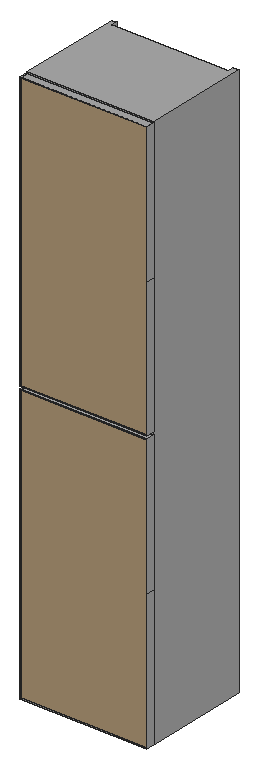
Revit family "bathroom vanity-hansgrohe-54220XXX-Xevolos E Tall cabinet Slate Matt Grey 400_360, door hinge left", category Furniture, Revit 2019
Family settings
  OmniClass Number = 23.40.00.00
  OmniClass Title = Equipment and Furnishings
  Work Plane-Based = No
  Always vertical = Yes
  Cut with Voids When Loaded = No
  Shared = Yes
  Room Calculation Point = No
Parameters (values of type "54220390-SLATE_MATT_GREY-PATTEREND_BRONZE-400")
  etim7_EC011381 = "EC011381"
  WEIGHT = "41.2"
  UNSPSC = "56 | Furniture and Furnishings"
  UNIFORMATII = "E2010 | Fixed Furnishings"
  UNICLASS_2015_CODE = "40_30_78_05"
  UNICLASS2015 = "Pr_40_30_78_05 | Bathroom furniture"
  SURFACE = "PATTEREND_BRONZE"
  REGION = "Worldwide"
  PRODUCTURL = "https://pro.hansgrohe.com/articledetail--54220770"
  PERMALINK = "54220XXX"
  OMNICLASS = "23-21 19 15 33 13 | Residential Bathroom Specialty Casework"
  OBJECTTYPE = "Object (single object)"
  OBERFLAECHE = "SLATE_MATT_GREY"
  NN = "Tall cabinet, door hinge"
  NBSYN = "$ARTNR.-$OBERFLAECHE.-$SURFACE.-$LODLEVEL."
  NB = "54220390-SLATE_MATT_GREY-PATTEREND_BRONZE-400"
  NAME = "Xevolos E Tall cabinet Slate Matt Grey 400/360, door hinge left"
  Model = "54220390-SLATE_MATT_GREY-PATTEREND_BRONZE-400"
  Manufacturer = "Hansgrohe"
  MIdent = "{$CADENAS_DATA/23d-libs/hansgrohe/xevolos_furniture/xevolos_tall_cabinet_door_hinge/tall_cabinet_door_hinge.prj},256 {VTYP=3D},{NB=54220390-SLATE_MATT_GREY-PATTEREND_BRONZE-400},{LINA=54220390-SLATE_MATT_GREY-PATTEREND_BRONZE-400},{NN=Tall cabinet, door hinge},{DATE=13.03.2023 12:06:51},{GEOMDATE=12.03.2023 06:51:00},{VERSION=},{LINEID=70},{WBVAR=LODLEVEL},{WBNUMERIC=}  {NB=54220390-SLATE_MATT_GREY-PATTEREND_BRONZE-400},{LINA=54220390-SLATE_MATT_GREY-PATTEREND_BRONZE-400},{KT=DUMMY},{IDNR=7},{ARTNR=54220390},{BASENUMBER=54220},{MODEL=54220XXX},{OBERFLAECHE=SLATE_MATT_GREY},{SURFACE=PATTEREND_BRONZE},{L=400},{LODLEVEL=400},{LODLEVELX='400','400','200','200'},{NAME=Xevolos E Tall cabinet Slate Matt Grey 400/360, door hinge left},{PERMALINK=54220XXX},{OBJECTTYPE=Object (single object)},{BIMOBJECT=Sanitary: Compound units},{COLLECTIONSET=Xevolos E},{COLLECTION=bathroom vanity},{WEIGHT=41.2},{DESCRIPTION=Xevolos E Tall cabinet Slate Matt Grey 400/360, door hinge left},{PRODUCTURL=https://pro.hansgrohe.com/articledetail--54220770},{GTINCODE=0},{TENDERURL=0},{IFC=Furnishing element},{ETIM=EC011381 | Bathroom furniture set},{UNICLASS2015=Pr_40_30_78_05 | Bathroom furniture},{OMNICLASS=23-21 19 15 33 13 | Residential Bathroom Specialty Casework},{MASTERFORMAT=12 35 30.23 | Bathroom Casework},{UNSPSC=56 | Furniture and Furnishings},{UNIFORMATII=E2010 | Fixed Furnishings},{REGION=Worldwide},{DESIGN=Germany},{MANUFACTURER=Germany}"
  MASTERFORMAT = "12 35 30.23 | Bathroom Casework"
  LODLEVEL = "400"
  LINA = "54220390-SLATE_MATT_GREY-PATTEREND_BRONZE-400"
  L = 400
  IFC = "Furnishing element"
  IDNR = 7
  ETIM = "EC011381 | Bathroom furniture set"
  DESIGN = "Germany"
  COLLECTIONSET = "Xevolos E"
  COLLECTION = "bathroom vanity"
  CATALOG = "Hansgrohe"
  BIMOBJECT = "Sanitary: Compound units"
  BASENUMBER = "54220"
  ARTNR = "54220390"
  54220770-SLATE_MATT_GREY-METALLIC_SLATE_GREY-400_RX0RY0RZ0TX0TY0TZ0_V = no
  54220770-SLATE_MATT_GREY-METALLIC_SLATE_GREY-200_RX0RY0RZ0TX0TY0TZ0_V = no
  54220730-SLATE_MATT_GREY-DARK_OAK-400_RX0RY0RZ0TX0TY0TZ0_V = no
  54220730-SLATE_MATT_GREY-DARK_OAK-200_RX0RY0RZ0TX0TY0TZ0_V = no
  54220390-SLATE_MATT_GREY-PATTEREND_BRONZE-400_RX0RY0RZ0TX0TY0TZ0_V = yes
  54220390-SLATE_MATT_GREY-PATTEREND_BRONZE-200_RX0RY0RZ0TX0TY0TZ0_V = no
Types (6, lengths in mm): name | SURFACE | NB | Model | MIdent | LODLEVEL | LINA | IDNR | ARTNR | 54220770-SLATE_MATT_GREY-METALLIC_SLATE_GREY-400_RX0RY0RZ0TX0TY0TZ0_V | 54220770-SLATE_MATT_GREY-METALLIC_SLATE_GREY-200_RX0RY0RZ0TX0TY0TZ0_V | 54220730-SLATE_MATT_GREY-DARK_OAK-400_RX0RY0RZ0TX0TY0TZ0_V | 54220730-SLATE_MATT_GREY-DARK_OAK-200_RX0RY0RZ0TX0TY0TZ0_V | 54220390-SLATE_MATT_GREY-PATTEREND_BRONZE-400_RX0RY0RZ0TX0TY0TZ0_V | 54220390-SLATE_MATT_GREY-PATTEREND_BRONZE-200_RX0RY0RZ0TX0TY0TZ0_V
  54220390-SLATE_MATT_GREY-PATTEREND_BRONZE-200 | "PATTEREND_BRONZE" | "54220390-SLATE_MATT_GREY-PATTEREND_BRONZE-200" | "54220390-SLATE_MATT_GREY-PATTEREND_BRONZE-200" | "{$CADENAS_DATA/23d-libs/hansgrohe/xevolos_furniture/xevolos_tall_cabinet_door_hinge/tall_cabinet_door_hinge.prj},256 {VTYP=3D},{NB=54220390-SLATE_MATT_GREY-PATTEREND_BRONZE-200},{LINA=54220390-SLATE_MATT_GREY-PATTEREND_BRONZE-200},{NN=Tall cabinet, door hinge},{DATE=13.03.2023 12:06:51},{GEOMDATE=12.03.2023 06:51:00},{VERSION=},{LINEID=70},{WBVAR=LODLEVEL},{WBNUMERIC=}  {NB=54220390-SLATE_MATT_GREY-PATTEREND_BRONZE-200},{LINA=54220390-SLATE_MATT_GREY-PATTEREND_BRONZE-200},{KT=DUMMY},{IDNR=7},{ARTNR=54220390},{BASENUMBER=54220},{MODEL=54220XXX},{OBERFLAECHE=SLATE_MATT_GREY},{SURFACE=PATTEREND_BRONZE},{L=400},{LODLEVEL=200},{LODLEVELX='400','400','200','200'},{NAME=Xevolos E Tall cabinet Slate Matt Grey 400/360, door hinge left},{PERMALINK=54220XXX},{OBJECTTYPE=Object (single object)},{BIMOBJECT=Sanitary: Compound units},{COLLECTIONSET=Xevolos E},{COLLECTION=bathroom vanity},{WEIGHT=41.2},{DESCRIPTION=Xevolos E Tall cabinet Slate Matt Grey 400/360, door hinge left},{PRODUCTURL=https://pro.hansgrohe.com/articledetail--54220770},{GTINCODE=0},{TENDERURL=0},{IFC=Furnishing element},{ETIM=EC011381 | Bathroom furniture set},{UNICLASS2015=Pr_40_30_78_05 | Bathroom furniture},{OMNICLASS=23-21 19 15 33 13 | Residential Bathroom Specialty Casework},{MASTERFORMAT=12 35 30.23 | Bathroom Casework},{UNSPSC=56 | Furniture and Furnishings},{UNIFORMATII=E2010 | Fixed Furnishings},{REGION=Worldwide},{DESIGN=Germany},{MANUFACTURER=Germany}" | "200" | "54220390-SLATE_MATT_GREY-PATTEREND_BRONZE-200" | 7 | "54220390" | no | no | no | no | no | yes
  54220390-SLATE_MATT_GREY-PATTEREND_BRONZE-400 | "PATTEREND_BRONZE" | "54220390-SLATE_MATT_GREY-PATTEREND_BRONZE-400" | "54220390-SLATE_MATT_GREY-PATTEREND_BRONZE-400" | "{$CADENAS_DATA/23d-libs/hansgrohe/xevolos_furniture/xevolos_tall_cabinet_door_hinge/tall_cabinet_door_hinge.prj},256 {VTYP=3D},{NB=54220390-SLATE_MATT_GREY-PATTEREND_BRONZE-400},{LINA=54220390-SLATE_MATT_GREY-PATTEREND_BRONZE-400},{NN=Tall cabinet, door hinge},{DATE=13.03.2023 12:06:51},{GEOMDATE=12.03.2023 06:51:00},{VERSION=},{LINEID=70},{WBVAR=LODLEVEL},{WBNUMERIC=}  {NB=54220390-SLATE_MATT_GREY-PATTEREND_BRONZE-400},{LINA=54220390-SLATE_MATT_GREY-PATTEREND_BRONZE-400},{KT=DUMMY},{IDNR=7},{ARTNR=54220390},{BASENUMBER=54220},{MODEL=54220XXX},{OBERFLAECHE=SLATE_MATT_GREY},{SURFACE=PATTEREND_BRONZE},{L=400},{LODLEVEL=400},{LODLEVELX='400','400','200','200'},{NAME=Xevolos E Tall cabinet Slate Matt Grey 400/360, door hinge left},{PERMALINK=54220XXX},{OBJECTTYPE=Object (single object)},{BIMOBJECT=Sanitary: Compound units},{COLLECTIONSET=Xevolos E},{COLLECTION=bathroom vanity},{WEIGHT=41.2},{DESCRIPTION=Xevolos E Tall cabinet Slate Matt Grey 400/360, door hinge left},{PRODUCTURL=https://pro.hansgrohe.com/articledetail--54220770},{GTINCODE=0},{TENDERURL=0},{IFC=Furnishing element},{ETIM=EC011381 | Bathroom furniture set},{UNICLASS2015=Pr_40_30_78_05 | Bathroom furniture},{OMNICLASS=23-21 19 15 33 13 | Residential Bathroom Specialty Casework},{MASTERFORMAT=12 35 30.23 | Bathroom Casework},{UNSPSC=56 | Furniture and Furnishings},{UNIFORMATII=E2010 | Fixed Furnishings},{REGION=Worldwide},{DESIGN=Germany},{MANUFACTURER=Germany}" | "400" | "54220390-SLATE_MATT_GREY-PATTEREND_BRONZE-400" | 7 | "54220390" | no | no | no | no | yes | no
  54220730-SLATE_MATT_GREY-DARK_OAK-200 | "DARK_OAK" | "54220730-SLATE_MATT_GREY-DARK_OAK-200" | "54220730-SLATE_MATT_GREY-DARK_OAK-200" | "{$CADENAS_DATA/23d-libs/hansgrohe/xevolos_furniture/xevolos_tall_cabinet_door_hinge/tall_cabinet_door_hinge.prj},240 {VTYP=3D},{NB=54220730-SLATE_MATT_GREY-DARK_OAK-200},{LINA=54220730-SLATE_MATT_GREY-DARK_OAK-200},{NN=Tall cabinet, door hinge},{DATE=13.03.2023 12:06:51},{GEOMDATE=12.03.2023 06:51:00},{VERSION=},{LINEID=80},{WBVAR=LODLEVEL},{WBNUMERIC=}  {NB=54220730-SLATE_MATT_GREY-DARK_OAK-200},{LINA=54220730-SLATE_MATT_GREY-DARK_OAK-200},{KT=DUMMY},{IDNR=8},{ARTNR=54220730},{BASENUMBER=54220},{MODEL=54220XXX},{OBERFLAECHE=SLATE_MATT_GREY},{SURFACE=DARK_OAK},{L=400},{LODLEVEL=200},{LODLEVELX='400','400','200','200'},{NAME=Xevolos E Tall cabinet Slate Matt Grey 400/360, door hinge left},{PERMALINK=54220XXX},{OBJECTTYPE=Object (single object)},{BIMOBJECT=Sanitary: Compound units},{COLLECTIONSET=Xevolos E},{COLLECTION=bathroom vanity},{WEIGHT=41.2},{DESCRIPTION=Xevolos E Tall cabinet Slate Matt Grey 400/360, door hinge left},{PRODUCTURL=https://pro.hansgrohe.com/articledetail--54220770},{GTINCODE=0},{TENDERURL=0},{IFC=Furnishing element},{ETIM=EC011381 | Bathroom furniture set},{UNICLASS2015=Pr_40_30_78_05 | Bathroom furniture},{OMNICLASS=23-21 19 15 33 13 | Residential Bathroom Specialty Casework},{MASTERFORMAT=12 35 30.23 | Bathroom Casework},{UNSPSC=56 | Furniture and Furnishings},{UNIFORMATII=E2010 | Fixed Furnishings},{REGION=Worldwide},{DESIGN=Germany},{MANUFACTURER=Germany}" | "200" | "54220730-SLATE_MATT_GREY-DARK_OAK-200" | 8 | "54220730" | no | no | no | yes | no | no
  54220730-SLATE_MATT_GREY-DARK_OAK-400 | "DARK_OAK" | "54220730-SLATE_MATT_GREY-DARK_OAK-400" | "54220730-SLATE_MATT_GREY-DARK_OAK-400" | "{$CADENAS_DATA/23d-libs/hansgrohe/xevolos_furniture/xevolos_tall_cabinet_door_hinge/tall_cabinet_door_hinge.prj},240 {VTYP=3D},{NB=54220730-SLATE_MATT_GREY-DARK_OAK-400},{LINA=54220730-SLATE_MATT_GREY-DARK_OAK-400},{NN=Tall cabinet, door hinge},{DATE=13.03.2023 12:06:51},{GEOMDATE=12.03.2023 06:51:00},{VERSION=},{LINEID=80},{WBVAR=LODLEVEL},{WBNUMERIC=}  {NB=54220730-SLATE_MATT_GREY-DARK_OAK-400},{LINA=54220730-SLATE_MATT_GREY-DARK_OAK-400},{KT=DUMMY},{IDNR=8},{ARTNR=54220730},{BASENUMBER=54220},{MODEL=54220XXX},{OBERFLAECHE=SLATE_MATT_GREY},{SURFACE=DARK_OAK},{L=400},{LODLEVEL=400},{LODLEVELX='400','400','200','200'},{NAME=Xevolos E Tall cabinet Slate Matt Grey 400/360, door hinge left},{PERMALINK=54220XXX},{OBJECTTYPE=Object (single object)},{BIMOBJECT=Sanitary: Compound units},{COLLECTIONSET=Xevolos E},{COLLECTION=bathroom vanity},{WEIGHT=41.2},{DESCRIPTION=Xevolos E Tall cabinet Slate Matt Grey 400/360, door hinge left},{PRODUCTURL=https://pro.hansgrohe.com/articledetail--54220770},{GTINCODE=0},{TENDERURL=0},{IFC=Furnishing element},{ETIM=EC011381 | Bathroom furniture set},{UNICLASS2015=Pr_40_30_78_05 | Bathroom furniture},{OMNICLASS=23-21 19 15 33 13 | Residential Bathroom Specialty Casework},{MASTERFORMAT=12 35 30.23 | Bathroom Casework},{UNSPSC=56 | Furniture and Furnishings},{UNIFORMATII=E2010 | Fixed Furnishings},{REGION=Worldwide},{DESIGN=Germany},{MANUFACTURER=Germany}" | "400" | "54220730-SLATE_MATT_GREY-DARK_OAK-400" | 8 | "54220730" | no | no | yes | no | no | no
  54220770-SLATE_MATT_GREY-METALLIC_SLATE_GREY-200 | "METALLIC_SLATE_GREY" | "54220770-SLATE_MATT_GREY-METALLIC_SLATE_GREY-200" | "54220770-SLATE_MATT_GREY-METALLIC_SLATE_GREY-200" | "{$CADENAS_DATA/23d-libs/hansgrohe/xevolos_furniture/xevolos_tall_cabinet_door_hinge/tall_cabinet_door_hinge.prj},262 {VTYP=3D},{NB=54220770-SLATE_MATT_GREY-METALLIC_SLATE_GREY-200},{LINA=54220770-SLATE_MATT_GREY-METALLIC_SLATE_GREY-200},{NN=Tall cabinet, door hinge},{DATE=13.03.2023 12:06:51},{GEOMDATE=12.03.2023 06:51:00},{VERSION=},{LINEID=90},{WBVAR=LODLEVEL},{WBNUMERIC=}  {NB=54220770-SLATE_MATT_GREY-METALLIC_SLATE_GREY-200},{LINA=54220770-SLATE_MATT_GREY-METALLIC_SLATE_GREY-200},{KT=DUMMY},{IDNR=9},{ARTNR=54220770},{BASENUMBER=54220},{MODEL=54220XXX},{OBERFLAECHE=SLATE_MATT_GREY},{SURFACE=METALLIC_SLATE_GREY},{L=400},{LODLEVEL=200},{LODLEVELX='400','400','200','200'},{NAME=Xevolos E Tall cabinet Slate Matt Grey 400/360, door hinge left},{PERMALINK=54220XXX},{OBJECTTYPE=Object (single object)},{BIMOBJECT=Sanitary: Compound units},{COLLECTIONSET=Xevolos E},{COLLECTION=bathroom vanity},{WEIGHT=41.2},{DESCRIPTION=Xevolos E Tall cabinet Slate Matt Grey 400/360, door hinge left},{PRODUCTURL=https://pro.hansgrohe.com/articledetail--54220770},{GTINCODE=0},{TENDERURL=0},{IFC=Furnishing element},{ETIM=EC011381 | Bathroom furniture set},{UNICLASS2015=Pr_40_30_78_05 | Bathroom furniture},{OMNICLASS=23-21 19 15 33 13 | Residential Bathroom Specialty Casework},{MASTERFORMAT=12 35 30.23 | Bathroom Casework},{UNSPSC=56 | Furniture and Furnishings},{UNIFORMATII=E2010 | Fixed Furnishings},{REGION=Worldwide},{DESIGN=Germany},{MANUFACTURER=Germany}" | "200" | "54220770-SLATE_MATT_GREY-METALLIC_SLATE_GREY-200" | 9 | "54220770" | no | yes | no | no | no | no
  54220770-SLATE_MATT_GREY-METALLIC_SLATE_GREY-400 | "METALLIC_SLATE_GREY" | "54220770-SLATE_MATT_GREY-METALLIC_SLATE_GREY-400" | "54220770-SLATE_MATT_GREY-METALLIC_SLATE_GREY-400" | "{$CADENAS_DATA/23d-libs/hansgrohe/xevolos_furniture/xevolos_tall_cabinet_door_hinge/tall_cabinet_door_hinge.prj},262 {VTYP=3D},{NB=54220770-SLATE_MATT_GREY-METALLIC_SLATE_GREY-400},{LINA=54220770-SLATE_MATT_GREY-METALLIC_SLATE_GREY-400},{NN=Tall cabinet, door hinge},{DATE=13.03.2023 12:06:51},{GEOMDATE=12.03.2023 06:51:00},{VERSION=},{LINEID=90},{WBVAR=LODLEVEL},{WBNUMERIC=}  {NB=54220770-SLATE_MATT_GREY-METALLIC_SLATE_GREY-400},{LINA=54220770-SLATE_MATT_GREY-METALLIC_SLATE_GREY-400},{KT=DUMMY},{IDNR=9},{ARTNR=54220770},{BASENUMBER=54220},{MODEL=54220XXX},{OBERFLAECHE=SLATE_MATT_GREY},{SURFACE=METALLIC_SLATE_GREY},{L=400},{LODLEVEL=400},{LODLEVELX='400','400','200','200'},{NAME=Xevolos E Tall cabinet Slate Matt Grey 400/360, door hinge left},{PERMALINK=54220XXX},{OBJECTTYPE=Object (single object)},{BIMOBJECT=Sanitary: Compound units},{COLLECTIONSET=Xevolos E},{COLLECTION=bathroom vanity},{WEIGHT=41.2},{DESCRIPTION=Xevolos E Tall cabinet Slate Matt Grey 400/360, door hinge left},{PRODUCTURL=https://pro.hansgrohe.com/articledetail--54220770},{GTINCODE=0},{TENDERURL=0},{IFC=Furnishing element},{ETIM=EC011381 | Bathroom furniture set},{UNICLASS2015=Pr_40_30_78_05 | Bathroom furniture},{OMNICLASS=23-21 19 15 33 13 | Residential Bathroom Specialty Casework},{MASTERFORMAT=12 35 30.23 | Bathroom Casework},{UNSPSC=56 | Furniture and Furnishings},{UNIFORMATII=E2010 | Fixed Furnishings},{REGION=Worldwide},{DESIGN=Germany},{MANUFACTURER=Germany}" | "400" | "54220770-SLATE_MATT_GREY-METALLIC_SLATE_GREY-400" | 9 | "54220770" | yes | no | no | no | no | no
Reference planes
  plane 1 "Center (Front/Back)": y = 0
  plane 2: z = 0
  plane 3 "Center (Left/Right)": x = 0
Dimensions and locks
  aligned and locked: level to plane 2
Nested families
  nested 1: "54220390-slate_matt_grey-patterend_bronze-200_content" at (0, 0, 0), visible <- "54220390-SLATE_MATT_GREY-PATTEREND_BRONZE-200_RX0RY0RZ0TX0TY0TZ0_V", ContentVisible <- "54220390-SLATE_MATT_GREY-PATTEREND_BRONZE-200_RX0RY0RZ0TX0TY0TZ0_V", type "54220390-SLATE_MATT_GREY-PATTEREND_BRONZE-200_Content"
    with ContentVisible no
  nested 2: "54220390-slate_matt_grey-patterend_bronze-400_content" at (0, 0, 0), visible <- "54220390-SLATE_MATT_GREY-PATTEREND_BRONZE-400_RX0RY0RZ0TX0TY0TZ0_V", ContentVisible <- "54220390-SLATE_MATT_GREY-PATTEREND_BRONZE-400_RX0RY0RZ0TX0TY0TZ0_V", type "54220390-SLATE_MATT_GREY-PATTEREND_BRONZE-400_Content"
    with ContentVisible yes
  nested 3: "54220730-slate_matt_grey-dark_oak-200_content" at (0, 0, 0), visible <- "54220730-SLATE_MATT_GREY-DARK_OAK-200_RX0RY0RZ0TX0TY0TZ0_V", ContentVisible <- "54220730-SLATE_MATT_GREY-DARK_OAK-200_RX0RY0RZ0TX0TY0TZ0_V", type "54220730-SLATE_MATT_GREY-DARK_OAK-200_Content"
    with ContentVisible no
  nested 4: "54220730-slate_matt_grey-dark_oak-400_content" at (0, 0, 0), visible <- "54220730-SLATE_MATT_GREY-DARK_OAK-400_RX0RY0RZ0TX0TY0TZ0_V", ContentVisible <- "54220730-SLATE_MATT_GREY-DARK_OAK-400_RX0RY0RZ0TX0TY0TZ0_V", type "54220730-SLATE_MATT_GREY-DARK_OAK-400_Content"
    with ContentVisible no
  nested 5: "54220770-slate_matt_grey-metallic_slate_grey-200_content" at (0, 0, 0), visible <- "54220770-SLATE_MATT_GREY-METALLIC_SLATE_GREY-200_RX0RY0RZ0TX0TY0TZ0_V", ContentVisible <- "54220770-SLATE_MATT_GREY-METALLIC_SLATE_GREY-200_RX0RY0RZ0TX0TY0TZ0_V", type "54220770-SLATE_MATT_GREY-METALLIC_SLATE_GREY-200_Content"
    with ContentVisible no
  nested 6: "54220770-slate_matt_grey-metallic_slate_grey-400_content" at (0, 0, 0), visible <- "54220770-SLATE_MATT_GREY-METALLIC_SLATE_GREY-400_RX0RY0RZ0TX0TY0TZ0_V", ContentVisible <- "54220770-SLATE_MATT_GREY-METALLIC_SLATE_GREY-400_RX0RY0RZ0TX0TY0TZ0_V", type "54220770-SLATE_MATT_GREY-METALLIC_SLATE_GREY-400_Content"
    with ContentVisible no
Definition of nested family "54220390-slate_matt_grey-patterend_bronze-400_content"
  Parameters (values of type "54220390-SLATE_MATT_GREY-PATTEREND_BRONZE-400_Content")
    etim7_EC011381 = "EC011381"
    WEIGHT = "41.2"
    UNSPSC = "56 | Furniture and Furnishings"
    UNIFORMATII = "E2010 | Fixed Furnishings"
    UNICLASS_2015_CODE = "40_30_78_05"
    UNICLASS2015 = "Pr_40_30_78_05 | Bathroom furniture"
    SURFACE = "PATTEREND_BRONZE"
    REGION = "Worldwide"
    PRODUCTURL = "https://pro.hansgrohe.com/articledetail--54220770"
    PERMALINK = "54220XXX"
    OMNICLASS = "23-21 19 15 33 13 | Residential Bathroom Specialty Casework"
    OBJECTTYPE = "Object (single object)"
    OBERFLAECHE = "SLATE_MATT_GREY"
    NN = "Tall cabinet, door hinge"
    NBSYN = "$ARTNR.-$OBERFLAECHE.-$SURFACE.-$LODLEVEL."
    NB = "54220390-SLATE_MATT_GREY-PATTEREND_BRONZE-400"
    NAME = "Xevolos E Tall cabinet Slate Matt Grey 400/360, door hinge left"
    Model = "54220390-SLATE_MATT_GREY-PATTEREND_BRONZE-400"
    Manufacturer = "Hansgrohe"
    MASTERFORMAT = "12 35 30.23 | Bathroom Casework"
    LODLEVEL = "400"
    LINA = "54220390-SLATE_MATT_GREY-PATTEREND_BRONZE-400"
    L = 400
    IFC = "Furnishing element"
    IDNR = 7
    ETIM = "EC011381 | Bathroom furniture set"
    Default Elevation = 1219.2 mm
    DESIGN = "Germany"
    ContentVisible [instance] = yes
    COLLECTIONSET = "Xevolos E"
    COLLECTION = "bathroom vanity"
    CATALOG = "Hansgrohe"
    BIMOBJECT = "Sanitary: Compound units"
    BASENUMBER = "54220"
    ARTNR = "54220390"
  Reference planes
    plane 1 "Center (Front/Back)": y = 0
    plane 2: z = 0
    plane 3 "Center (Left/Right)": x = 0
  Forms (mm)
    Extrusion 1, solid, visible <- "ContentVisible", detail levels medium+fine
      sketch origin (0, 0, 0) x (1, 0, 0) y (0, 1, 0)
        loop
          line (-200, 0) -> (-200, -334.5) -> (200, -334.5) -> (200, 0) -> (184, 0) -> (184, -16.8) -> (-184, -16.8) -> (-184, 0) -> (-200, 0)
      from 0 to 1760
    Extrusion 2, solid, visible <- "ContentVisible", detail levels medium+fine
      sketch origin (0, -334.5, 0) x (1, 0, 0) y (0, 0, -1)
        loop
          line (-200, -2) -> (-200, -439) -> (-198, -439) -> (-198, -4) -> (198, -4) -> (198, -439) -> (200, -439) -> (200, -2) -> (-200, -2)
      from -24.75 to 0
    Extrusion 3, solid, visible <- "ContentVisible", detail levels medium+fine
      sketch origin (0, -334.5, 0) x (1, 0, 0) y (0, 0, -1)
        loop
          line (-200, -439) -> (-200, -876) -> (200, -876) -> (200, -439) -> (198, -439) -> (198, -874) -> (-198, -874) -> (-198, -439) -> (-200, -439)
      from -24.75 to 0
    Extrusion 4, solid, visible <- "ContentVisible", detail levels medium+fine
      sketch origin (0, -334.5, 0) x (1, 0, 0) y (0, 0, -1)
        loop
          line (-198, -4) -> (-198, -874) -> (198, -874) -> (198, -4) -> (-198, -4)
      from -24.75 to 0
    Extrusion 5, solid, visible <- "ContentVisible", detail levels medium+fine
      sketch origin (0, -334.5, 0) x (1, 0, 0) y (0, 0, -1)
        loop
          line (-200, -884) -> (-200, -1321) -> (-198, -1321) -> (-198, -886) -> (198, -886) -> (198, -1321) -> (200, -1321) -> (200, -884) -> (-200, -884)
      from -24.75 to 0
    Extrusion 6, solid, visible <- "ContentVisible", detail levels medium+fine
      sketch origin (0, -334.5, 0) x (1, 0, 0) y (0, 0, -1)
        loop
          line (-200, -1321) -> (-200, -1758) -> (200, -1758) -> (200, -1321) -> (198, -1321) -> (198, -1756) -> (-198, -1756) -> (-198, -1321) -> (-200, -1321)
      from -24.75 to 0
    Extrusion 7, solid, visible <- "ContentVisible", detail levels medium+fine
      sketch origin (0, -334.5, 0) x (1, 0, 0) y (0, 0, -1)
        loop
          line (-198, -886) -> (-198, -1756) -> (198, -1756) -> (198, -886) -> (-198, -886)
      from -24.75 to 0
    Extrusion 8, solid, visible <- "ContentVisible", detail levels coarse
      sketch origin (0, -179.625, 0) x (1, 0, 0) y (0, 1, 0)
        loop
          line (-200, -179.625) -> (200, -179.625) -> (200, 179.625) -> (-200, 179.625) -> (-200, -179.625)
      from 0 to 1760
  Dimensions and locks
    aligned and locked: level to plane 2
Definition of nested family "54220390-slate_matt_grey-patterend_bronze-200_content"
  Parameters (values of type "54220390-SLATE_MATT_GREY-PATTEREND_BRONZE-200_Content")
    etim7_EC011381 = "EC011381"
    WEIGHT = "41.2"
    UNSPSC = "56 | Furniture and Furnishings"
    UNIFORMATII = "E2010 | Fixed Furnishings"
    UNICLASS_2015_CODE = "40_30_78_05"
    UNICLASS2015 = "Pr_40_30_78_05 | Bathroom furniture"
    SURFACE = "PATTEREND_BRONZE"
    REGION = "Worldwide"
    PRODUCTURL = "https://pro.hansgrohe.com/articledetail--54220770"
    PERMALINK = "54220XXX"
    OMNICLASS = "23-21 19 15 33 13 | Residential Bathroom Specialty Casework"
    OBJECTTYPE = "Object (single object)"
    OBERFLAECHE = "SLATE_MATT_GREY"
    NN = "Tall cabinet, door hinge"
    NBSYN = "$ARTNR.-$OBERFLAECHE.-$SURFACE.-$LODLEVEL."
    NB = "54220390-SLATE_MATT_GREY-PATTEREND_BRONZE-200"
    NAME = "Xevolos E Tall cabinet Slate Matt Grey 400/360, door hinge left"
    Model = "54220390-SLATE_MATT_GREY-PATTEREND_BRONZE-200"
    Manufacturer = "Hansgrohe"
    MASTERFORMAT = "12 35 30.23 | Bathroom Casework"
    LODLEVEL = "200"
    LINA = "54220390-SLATE_MATT_GREY-PATTEREND_BRONZE-200"
    L = 400
    IFC = "Furnishing element"
    IDNR = 7
    ETIM = "EC011381 | Bathroom furniture set"
    Default Elevation = 1219.2 mm
    DESIGN = "Germany"
    ContentVisible [instance] = yes
    COLLECTIONSET = "Xevolos E"
    COLLECTION = "bathroom vanity"
    CATALOG = "Hansgrohe"
    BIMOBJECT = "Sanitary: Compound units"
    BASENUMBER = "54220"
    ARTNR = "54220390"
  Reference planes
    plane 1 "Center (Front/Back)": y = 0
    plane 2: z = 0
    plane 3 "Center (Left/Right)": x = 0
  Forms (mm)
    Extrusion 1, solid, visible <- "ContentVisible", detail levels medium+fine
      sketch origin (0, 0, 0) x (1, 0, 0) y (0, 1, 0)
        loop
          line (-200, 0) -> (-200, -334.5) -> (200, -334.5) -> (200, 0) -> (-200, 0)
      from 0 to 1760
    Extrusion 2, solid, visible <- "ContentVisible", detail levels medium+fine
      sketch origin (0, -334.5, 0) x (1, 0, 0) y (0, 0, -1)
        loop
          line (-200, -2) -> (-200, -1758) -> (200, -1758) -> (200, -2) -> (-200, -2)
        loop
          line (-198, -4) -> (-198, -1756) -> (198, -1756) -> (198, -4) -> (-198, -4)
      from -24.75 to 0
    Extrusion 3, solid, visible <- "ContentVisible", detail levels medium+fine
      sketch origin (0, -334.5, 0) x (1, 0, 0) y (0, 0, -1)
        loop
          line (-198, -4) -> (-198, -1756) -> (198, -1756) -> (198, -4) -> (-198, -4)
      from -24.75 to 0
    Extrusion 4, solid, visible <- "ContentVisible", detail levels coarse
      sketch origin (0, -179.625, 0) x (1, 0, 0) y (0, 1, 0)
        loop
          line (-200, -179.625) -> (200, -179.625) -> (200, 179.625) -> (-200, 179.625) -> (-200, -179.625)
      from 0 to 1760
  Dimensions and locks
    aligned and locked: level to plane 2
Definition of nested family "54220730-slate_matt_grey-dark_oak-200_content"
  Parameters (values of type "54220730-SLATE_MATT_GREY-DARK_OAK-200_Content")
    etim7_EC011381 = "EC011381"
    WEIGHT = "41.2"
    UNSPSC = "56 | Furniture and Furnishings"
    UNIFORMATII = "E2010 | Fixed Furnishings"
    UNICLASS_2015_CODE = "40_30_78_05"
    UNICLASS2015 = "Pr_40_30_78_05 | Bathroom furniture"
    SURFACE = "DARK_OAK"
    REGION = "Worldwide"
    PRODUCTURL = "https://pro.hansgrohe.com/articledetail--54220770"
    PERMALINK = "54220XXX"
    OMNICLASS = "23-21 19 15 33 13 | Residential Bathroom Specialty Casework"
    OBJECTTYPE = "Object (single object)"
    OBERFLAECHE = "SLATE_MATT_GREY"
    NN = "Tall cabinet, door hinge"
    NBSYN = "$ARTNR.-$OBERFLAECHE.-$SURFACE.-$LODLEVEL."
    NB = "54220730-SLATE_MATT_GREY-DARK_OAK-200"
    NAME = "Xevolos E Tall cabinet Slate Matt Grey 400/360, door hinge left"
    Model = "54220730-SLATE_MATT_GREY-DARK_OAK-200"
    Manufacturer = "Hansgrohe"
    MASTERFORMAT = "12 35 30.23 | Bathroom Casework"
    LODLEVEL = "200"
    LINA = "54220730-SLATE_MATT_GREY-DARK_OAK-200"
    L = 400
    IFC = "Furnishing element"
    IDNR = 8
    ETIM = "EC011381 | Bathroom furniture set"
    Default Elevation = 1219.2 mm
    DESIGN = "Germany"
    ContentVisible [instance] = yes
    COLLECTIONSET = "Xevolos E"
    COLLECTION = "bathroom vanity"
    CATALOG = "Hansgrohe"
    BIMOBJECT = "Sanitary: Compound units"
    BASENUMBER = "54220"
    ARTNR = "54220730"
  Reference planes
    plane 1 "Center (Front/Back)": y = 0
    plane 2: z = 0
    plane 3 "Center (Left/Right)": x = 0
  Forms (mm)
    Extrusion 1, solid, visible <- "ContentVisible", detail levels medium+fine
      sketch origin (0, 0, 0) x (1, 0, 0) y (0, 1, 0)
        loop
          line (-200, 0) -> (-200, -334.5) -> (200, -334.5) -> (200, 0) -> (-200, 0)
      from 0 to 1760
    Extrusion 2, solid, visible <- "ContentVisible", detail levels medium+fine
      sketch origin (0, -334.5, 0) x (1, 0, 0) y (0, 0, -1)
        loop
          line (-200, -2) -> (-200, -1758) -> (200, -1758) -> (200, -2) -> (-200, -2)
        loop
          line (-198, -4) -> (-198, -1756) -> (198, -1756) -> (198, -4) -> (-198, -4)
      from -24.75 to 0
    Extrusion 3, solid, visible <- "ContentVisible", detail levels medium+fine
      sketch origin (0, -334.5, 0) x (1, 0, 0) y (0, 0, -1)
        loop
          line (-198, -4) -> (-198, -1756) -> (198, -1756) -> (198, -4) -> (-198, -4)
      from -24.75 to 0
    Extrusion 4, solid, visible <- "ContentVisible", detail levels coarse
      sketch origin (0, -179.625, 0) x (1, 0, 0) y (0, 1, 0)
        loop
          line (-200, -179.625) -> (200, -179.625) -> (200, 179.625) -> (-200, 179.625) -> (-200, -179.625)
      from 0 to 1760
  Dimensions and locks
    aligned and locked: level to plane 2
Definition of nested family "54220730-slate_matt_grey-dark_oak-400_content"
  Parameters (values of type "54220730-SLATE_MATT_GREY-DARK_OAK-400_Content")
    etim7_EC011381 = "EC011381"
    WEIGHT = "41.2"
    UNSPSC = "56 | Furniture and Furnishings"
    UNIFORMATII = "E2010 | Fixed Furnishings"
    UNICLASS_2015_CODE = "40_30_78_05"
    UNICLASS2015 = "Pr_40_30_78_05 | Bathroom furniture"
    SURFACE = "DARK_OAK"
    REGION = "Worldwide"
    PRODUCTURL = "https://pro.hansgrohe.com/articledetail--54220770"
    PERMALINK = "54220XXX"
    OMNICLASS = "23-21 19 15 33 13 | Residential Bathroom Specialty Casework"
    OBJECTTYPE = "Object (single object)"
    OBERFLAECHE = "SLATE_MATT_GREY"
    NN = "Tall cabinet, door hinge"
    NBSYN = "$ARTNR.-$OBERFLAECHE.-$SURFACE.-$LODLEVEL."
    NB = "54220730-SLATE_MATT_GREY-DARK_OAK-400"
    NAME = "Xevolos E Tall cabinet Slate Matt Grey 400/360, door hinge left"
    Model = "54220730-SLATE_MATT_GREY-DARK_OAK-400"
    Manufacturer = "Hansgrohe"
    MASTERFORMAT = "12 35 30.23 | Bathroom Casework"
    LODLEVEL = "400"
    LINA = "54220730-SLATE_MATT_GREY-DARK_OAK-400"
    L = 400
    IFC = "Furnishing element"
    IDNR = 8
    ETIM = "EC011381 | Bathroom furniture set"
    Default Elevation = 1219.2 mm
    DESIGN = "Germany"
    ContentVisible [instance] = yes
    COLLECTIONSET = "Xevolos E"
    COLLECTION = "bathroom vanity"
    CATALOG = "Hansgrohe"
    BIMOBJECT = "Sanitary: Compound units"
    BASENUMBER = "54220"
    ARTNR = "54220730"
  Reference planes
    plane 1 "Center (Front/Back)": y = 0
    plane 2: z = 0
    plane 3 "Center (Left/Right)": x = 0
  Forms (mm)
    Extrusion 1, solid, visible <- "ContentVisible", detail levels medium+fine
      sketch origin (0, 0, 0) x (1, 0, 0) y (0, 1, 0)
        loop
          line (-200, 0) -> (-200, -334.5) -> (200, -334.5) -> (200, 0) -> (184, 0) -> (184, -16.8) -> (-184, -16.8) -> (-184, 0) -> (-200, 0)
      from 0 to 1760
    Extrusion 2, solid, visible <- "ContentVisible", detail levels medium+fine
      sketch origin (0, -334.5, 0) x (1, 0, 0) y (0, 0, -1)
        loop
          line (-200, -2) -> (-200, -439) -> (-198, -439) -> (-198, -4) -> (198, -4) -> (198, -439) -> (200, -439) -> (200, -2) -> (-200, -2)
      from -24.75 to 0
    Extrusion 3, solid, visible <- "ContentVisible", detail levels medium+fine
      sketch origin (0, -334.5, 0) x (1, 0, 0) y (0, 0, -1)
        loop
          line (-200, -439) -> (-200, -876) -> (200, -876) -> (200, -439) -> (198, -439) -> (198, -874) -> (-198, -874) -> (-198, -439) -> (-200, -439)
      from -24.75 to 0
    Extrusion 4, solid, visible <- "ContentVisible", detail levels medium+fine
      sketch origin (0, -334.5, 0) x (1, 0, 0) y (0, 0, -1)
        loop
          line (-198, -4) -> (-198, -874) -> (198, -874) -> (198, -4) -> (-198, -4)
      from -24.75 to 0
    Extrusion 5, solid, visible <- "ContentVisible", detail levels medium+fine
      sketch origin (0, -334.5, 0) x (1, 0, 0) y (0, 0, -1)
        loop
          line (-200, -884) -> (-200, -1321) -> (-198, -1321) -> (-198, -886) -> (198, -886) -> (198, -1321) -> (200, -1321) -> (200, -884) -> (-200, -884)
      from -24.75 to 0
    Extrusion 6, solid, visible <- "ContentVisible", detail levels medium+fine
      sketch origin (0, -334.5, 0) x (1, 0, 0) y (0, 0, -1)
        loop
          line (-200, -1321) -> (-200, -1758) -> (200, -1758) -> (200, -1321) -> (198, -1321) -> (198, -1756) -> (-198, -1756) -> (-198, -1321) -> (-200, -1321)
      from -24.75 to 0
    Extrusion 7, solid, visible <- "ContentVisible", detail levels medium+fine
      sketch origin (0, -334.5, 0) x (1, 0, 0) y (0, 0, -1)
        loop
          line (-198, -886) -> (-198, -1756) -> (198, -1756) -> (198, -886) -> (-198, -886)
      from -24.75 to 0
    Extrusion 8, solid, visible <- "ContentVisible", detail levels coarse
      sketch origin (0, -179.625, 0) x (1, 0, 0) y (0, 1, 0)
        loop
          line (-200, -179.625) -> (200, -179.625) -> (200, 179.625) -> (-200, 179.625) -> (-200, -179.625)
      from 0 to 1760
  Dimensions and locks
    aligned and locked: level to plane 2
Definition of nested family "54220770-slate_matt_grey-metallic_slate_grey-200_content"
  Parameters (values of type "54220770-SLATE_MATT_GREY-METALLIC_SLATE_GREY-200_Content")
    etim7_EC011381 = "EC011381"
    WEIGHT = "41.2"
    UNSPSC = "56 | Furniture and Furnishings"
    UNIFORMATII = "E2010 | Fixed Furnishings"
    UNICLASS_2015_CODE = "40_30_78_05"
    UNICLASS2015 = "Pr_40_30_78_05 | Bathroom furniture"
    SURFACE = "METALLIC_SLATE_GREY"
    REGION = "Worldwide"
    PRODUCTURL = "https://pro.hansgrohe.com/articledetail--54220770"
    PERMALINK = "54220XXX"
    OMNICLASS = "23-21 19 15 33 13 | Residential Bathroom Specialty Casework"
    OBJECTTYPE = "Object (single object)"
    OBERFLAECHE = "SLATE_MATT_GREY"
    NN = "Tall cabinet, door hinge"
    NBSYN = "$ARTNR.-$OBERFLAECHE.-$SURFACE.-$LODLEVEL."
    NB = "54220770-SLATE_MATT_GREY-METALLIC_SLATE_GREY-200"
    NAME = "Xevolos E Tall cabinet Slate Matt Grey 400/360, door hinge left"
    Model = "54220770-SLATE_MATT_GREY-METALLIC_SLATE_GREY-200"
    Manufacturer = "Hansgrohe"
    MASTERFORMAT = "12 35 30.23 | Bathroom Casework"
    LODLEVEL = "200"
    LINA = "54220770-SLATE_MATT_GREY-METALLIC_SLATE_GREY-200"
    L = 400
    IFC = "Furnishing element"
    IDNR = 9
    ETIM = "EC011381 | Bathroom furniture set"
    Default Elevation = 1219.2 mm
    DESIGN = "Germany"
    ContentVisible [instance] = yes
    COLLECTIONSET = "Xevolos E"
    COLLECTION = "bathroom vanity"
    CATALOG = "Hansgrohe"
    BIMOBJECT = "Sanitary: Compound units"
    BASENUMBER = "54220"
    ARTNR = "54220770"
  Reference planes
    plane 1 "Center (Front/Back)": y = 0
    plane 2: z = 0
    plane 3 "Center (Left/Right)": x = 0
  Forms (mm)
    Extrusion 1, solid, visible <- "ContentVisible", detail levels medium+fine
      sketch origin (0, 0, 0) x (1, 0, 0) y (0, 1, 0)
        loop
          line (-200, 0) -> (-200, -334.5) -> (200, -334.5) -> (200, 0) -> (-200, 0)
      from 0 to 1760
    Extrusion 2, solid, visible <- "ContentVisible", detail levels medium+fine
      sketch origin (0, -334.5, 0) x (1, 0, 0) y (0, 0, -1)
        loop
          line (-200, -2) -> (-200, -1758) -> (200, -1758) -> (200, -2) -> (-200, -2)
        loop
          line (-198, -4) -> (-198, -1756) -> (198, -1756) -> (198, -4) -> (-198, -4)
      from -24.75 to 0
    Extrusion 3, solid, visible <- "ContentVisible", detail levels medium+fine
      sketch origin (0, -334.5, 0) x (1, 0, 0) y (0, 0, -1)
        loop
          line (-198, -4) -> (-198, -1756) -> (198, -1756) -> (198, -4) -> (-198, -4)
      from -24.75 to 0
    Extrusion 4, solid, visible <- "ContentVisible", detail levels coarse
      sketch origin (0, -179.625, 0) x (1, 0, 0) y (0, 1, 0)
        loop
          line (-200, -179.625) -> (200, -179.625) -> (200, 179.625) -> (-200, 179.625) -> (-200, -179.625)
      from 0 to 1760
  Dimensions and locks
    aligned and locked: level to plane 2
Definition of nested family "54220770-slate_matt_grey-metallic_slate_grey-400_content"
  Parameters (values of type "54220770-SLATE_MATT_GREY-METALLIC_SLATE_GREY-400_Content")
    etim7_EC011381 = "EC011381"
    WEIGHT = "41.2"
    UNSPSC = "56 | Furniture and Furnishings"
    UNIFORMATII = "E2010 | Fixed Furnishings"
    UNICLASS_2015_CODE = "40_30_78_05"
    UNICLASS2015 = "Pr_40_30_78_05 | Bathroom furniture"
    SURFACE = "METALLIC_SLATE_GREY"
    REGION = "Worldwide"
    PRODUCTURL = "https://pro.hansgrohe.com/articledetail--54220770"
    PERMALINK = "54220XXX"
    OMNICLASS = "23-21 19 15 33 13 | Residential Bathroom Specialty Casework"
    OBJECTTYPE = "Object (single object)"
    OBERFLAECHE = "SLATE_MATT_GREY"
    NN = "Tall cabinet, door hinge"
    NBSYN = "$ARTNR.-$OBERFLAECHE.-$SURFACE.-$LODLEVEL."
    NB = "54220770-SLATE_MATT_GREY-METALLIC_SLATE_GREY-400"
    NAME = "Xevolos E Tall cabinet Slate Matt Grey 400/360, door hinge left"
    Model = "54220770-SLATE_MATT_GREY-METALLIC_SLATE_GREY-400"
    Manufacturer = "Hansgrohe"
    MASTERFORMAT = "12 35 30.23 | Bathroom Casework"
    LODLEVEL = "400"
    LINA = "54220770-SLATE_MATT_GREY-METALLIC_SLATE_GREY-400"
    L = 400
    IFC = "Furnishing element"
    IDNR = 9
    ETIM = "EC011381 | Bathroom furniture set"
    Default Elevation = 1219.2 mm
    DESIGN = "Germany"
    ContentVisible [instance] = yes
    COLLECTIONSET = "Xevolos E"
    COLLECTION = "bathroom vanity"
    CATALOG = "Hansgrohe"
    BIMOBJECT = "Sanitary: Compound units"
    BASENUMBER = "54220"
    ARTNR = "54220770"
  Reference planes
    plane 1 "Center (Front/Back)": y = 0
    plane 2: z = 0
    plane 3 "Center (Left/Right)": x = 0
  Forms (mm)
    Extrusion 1, solid, visible <- "ContentVisible", detail levels medium+fine
      sketch origin (0, 0, 0) x (1, 0, 0) y (0, 1, 0)
        loop
          line (-200, 0) -> (-200, -334.5) -> (200, -334.5) -> (200, 0) -> (184, 0) -> (184, -16.8) -> (-184, -16.8) -> (-184, 0) -> (-200, 0)
      from 0 to 1760
    Extrusion 2, solid, visible <- "ContentVisible", detail levels medium+fine
      sketch origin (0, -334.5, 0) x (1, 0, 0) y (0, 0, -1)
        loop
          line (-200, -2) -> (-200, -439) -> (-198, -439) -> (-198, -4) -> (198, -4) -> (198, -439) -> (200, -439) -> (200, -2) -> (-200, -2)
      from -24.75 to 0
    Extrusion 3, solid, visible <- "ContentVisible", detail levels medium+fine
      sketch origin (0, -334.5, 0) x (1, 0, 0) y (0, 0, -1)
        loop
          line (-200, -439) -> (-200, -876) -> (200, -876) -> (200, -439) -> (198, -439) -> (198, -874) -> (-198, -874) -> (-198, -439) -> (-200, -439)
      from -24.75 to 0
    Extrusion 4, solid, visible <- "ContentVisible", detail levels medium+fine
      sketch origin (0, -334.5, 0) x (1, 0, 0) y (0, 0, -1)
        loop
          line (-198, -4) -> (-198, -874) -> (198, -874) -> (198, -4) -> (-198, -4)
      from -24.75 to 0
    Extrusion 5, solid, visible <- "ContentVisible", detail levels medium+fine
      sketch origin (0, -334.5, 0) x (1, 0, 0) y (0, 0, -1)
        loop
          line (-200, -884) -> (-200, -1321) -> (-198, -1321) -> (-198, -886) -> (198, -886) -> (198, -1321) -> (200, -1321) -> (200, -884) -> (-200, -884)
      from -24.75 to 0
    Extrusion 6, solid, visible <- "ContentVisible", detail levels medium+fine
      sketch origin (0, -334.5, 0) x (1, 0, 0) y (0, 0, -1)
        loop
          line (-200, -1321) -> (-200, -1758) -> (200, -1758) -> (200, -1321) -> (198, -1321) -> (198, -1756) -> (-198, -1756) -> (-198, -1321) -> (-200, -1321)
      from -24.75 to 0
    Extrusion 7, solid, visible <- "ContentVisible", detail levels medium+fine
      sketch origin (0, -334.5, 0) x (1, 0, 0) y (0, 0, -1)
        loop
          line (-198, -886) -> (-198, -1756) -> (198, -1756) -> (198, -886) -> (-198, -886)
      from -24.75 to 0
    Extrusion 8, solid, visible <- "ContentVisible", detail levels coarse
      sketch origin (0, -179.625, 0) x (1, 0, 0) y (0, 1, 0)
        loop
          line (-200, -179.625) -> (200, -179.625) -> (200, 179.625) -> (-200, 179.625) -> (-200, -179.625)
      from 0 to 1760
  Dimensions and locks
    aligned and locked: level to plane 2
